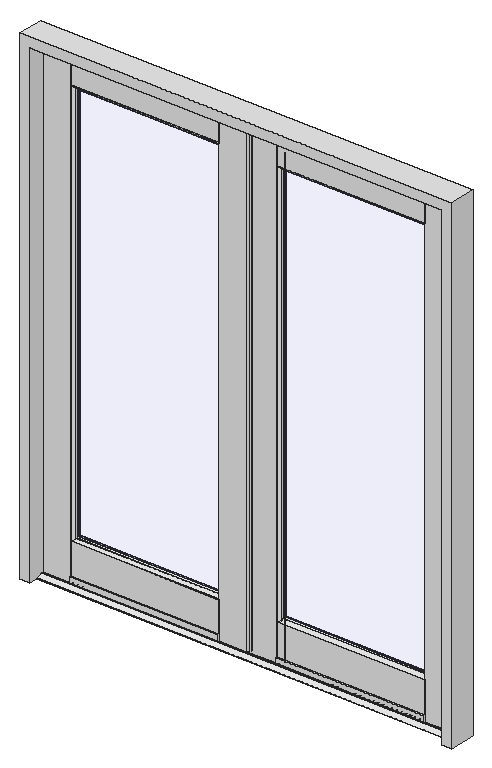
Revit family "kawneer-500_widestile-pr-frt-03_17322", category Doors, host Wall, Revit 2015
Parameters (values of type "(2)3' x 7' B.R. 6 1/2"")
  URL = "http://www.kawneer.com/kawneer/north_america/en/product.asp?cat_id=1339&prod_id=1816"
  Type Comments = "OFFSET PIVOT / BUTT HUNG"
  Thickness = 0' - 1 3/4"
  Stile Width = 0' - 5"
  Rough Width = Width + 0' 4"  # 3' - 4"
  Rough Height = Height + 0' 2"  # 7' - 2"
  Product data url = "https://bimobject.com/kawneerna/product/17196"
  Operation = " "
  Opening Width = Width * 2  # 6' - 0"
  Model = "Pair 350 Medium Stile Door Front Set B.R. 6 1/2\""
  Manufacturer = "Kawneer"
  Height = 7' - 0"
  Wall Closure = By host
  Width = 3' - 0"
  Function = Interior
  Door Panel = Kawneer - Fluropon_Bone White-391X035
  Door Glazing = Glass
  Door Frame = Kawneer - Fluropon_Bone White-391X035
  Description = "The \"350\" medium stile entrance door offers a rugged appearance, features dual-moment corner construction and is designed for schools, institutions, and other high traffic conditions."
  Bottom Rail Height = 0' - 6 1/2"
  Assembly Code = "B2030110"
Types (2): name | Operation | Model | Bottom Rail Height
  (2)3' x 7' B.R. 6 1/2" | " " | "Pair 350 Medium Stile Door Front Set B.R. 6 1/2\"" | 0' - 6 1/2"
  (2)3' x 7' B.R. 7 1/2" | "" | "Pair 350 Medium Stile Door Front Set B.R. 7 1/2\"" | 0' - 7 1/2"
Reference planes (in)
  plane 1: y = 0
  plane 2 "Center": x = 0
  plane 3 "Left": x = -36
  plane 4 "Right": x = 36
  plane 5 "Top": z = 84
  plane 6 "Glass center": y = 1.375
  plane 7: z = 7.1875
  plane 8: z = 0.6875
  plane 9: z = 84
Forms (in)
  Sweep 1, solid, material "Kawneer - Fluropon_Bone White-391X035" <- "Door Frame"
    path origin (-60, 3, 0) x (-1, 0, 0) y (0, 0, 1)
      loop
        line (-96, 0) -> (-96, 84) -> (-24, 84) -> (-24, 0)
    profile origin (0, 0, 42) x (1, 0, 0) y (0, 1, 0)
      loop
        line (38, 2.25) -> (36.25, 2.25) -> (36.25, -2.25) -> (38, -2.25) -> (38, 2.25)
  Extrusion 2, solid, material "Glass" <- "Door Glazing"
    sketch origin (0, 1.375, 0) x (1, 0, 0) y (0, 0, 1)
      loop
        line (31.15625, 7.375) -> (31.15625, 80.34375) -> (5.25678, 80.34375) -> (5.25678, 7.375) -> (31.15625, 7.375)
    from 0 to 0.25
  Extrusion 3, solid, material "Kawneer - Fluropon_Bone White-391X035" <- "Door Panel"
    sketch origin (0, -0.25, 0) x (1, 0, 0) y (0, 1, 0)
      loop
        line (36.15625, 2.375) -> (31.15625, 2.375) -> (31.15625, 2.31012) -> (30.62625, 1.8705) -> (30.62625, 1.77617) -> (30.49256, 1.625) -> (31.15625, 1.625) -> (31.15625, 1.375) -> (30.49369, 1.375) -> (30.62625, 1.22377) -> (30.62625, 1.1295) -> (31.15625, 0.75) -> (31.15625, 0.625) -> (35.87752, 0.625)
        arc (35.87752, 0.625) -> (36.01034, 0.68002) -> (36.06535, 0.81283) r 0.18783
        line (36.06535, 0.81283) -> (36.15625, 2.375)
    from 0.6875 to 84
  Extrusion 4, solid, material "Kawneer - Fluropon_Bone White-391X035" <- "Door Panel"
    sketch origin (0, -0.25, 0) x (-1, 0, 0) y (0, -1, 0)
      loop
        line (36.16231, -2.375) -> (36.16231, -2.32812) -> (36.06415, -0.80831)
        arc (36.06415, -0.80831) -> (36.00961, -0.67664) -> (35.87793, -0.6221) r 0.18622
        line (35.87793, -0.6221) -> (31.16231, -0.6221) -> (31.16231, -0.68988) -> (30.64361, -1.1295) -> (30.64361, -1.22377) -> (30.51105, -1.375) -> (30.98611, -1.375) -> (30.98611, -1.625) -> (30.50992, -1.625) -> (30.64361, -1.77617) -> (30.64361, -1.8705) -> (31.16231, -2.31012) -> (31.16231, -2.375) -> (36.16231, -2.375)
    from 0.6875 to 84
  Extrusion 5, solid, material "Kawneer - Fluropon_Bone White-391X035" <- "Door Panel"
    sketch origin (0, -0.375, 0.15278) x (0, 1, 0) y (0, 0, 1)
      loop
        line (2.5, 0.53472) -> (2.5, 7.03472) -> (2.43512, 7.03472) -> (2.0085, 7.56703) -> (1.94736, 7.56703)
        arc (1.94736, 7.56703) -> (1.82437, 7.6428) -> (1.75, 7.76663) r 0.30526
        line (1.75, 7.76663) -> (1.75, 7.22222) -> (1.5, 7.22222) -> (1.5, 7.76663)
        arc (1.5, 7.76663) -> (1.42562, 7.6428) -> (1.30264, 7.56703) r 0.30526
        line (1.30264, 7.56703) -> (1.2675, 7.56703) -> (0.82596, 7.03472) -> (0.75, 7.03472) -> (0.75, 1.5921) -> (0.51155, 1.52781) -> (0.51155, 0.64322) -> (0.59155, 0.64322) -> (0.71055, 0.41022)
        arc (0.71055, 0.41022) -> (0.74752, 0.3939) -> (0.76384, 0.43087) r 0.02858
        line (0.76384, 0.43087) -> (0.68155, 0.64322) -> (0.75, 0.64322) -> (0.75, 0.53472) -> (0.888, 0.53472) -> (0.888, 1.25347) -> (2.388, 1.25347) -> (2.388, 0.53472) -> (2.5, 0.53472)
      loop
        line (0.901, 1.37847) -> (2.375, 1.37847) -> (2.375, 6.53572)
        arc (2.375, 6.53572) -> (2.25594, 6.55359) -> (2.201, 6.66072) r 0.1319
        line (2.201, 6.66072) -> (2.201, 6.84722) -> (1.075, 6.84722) -> (1.075, 6.66072)
        arc (1.075, 6.66072) -> (1.02006, 6.55359) -> (0.901, 6.53572) r 0.1319
        line (0.901, 6.53572) -> (0.901, 1.37847)
    from 5.06928 to 31.15625
  Extrusion 6, solid, material "Kawneer - Fluropon_Bone White-391X035" <- "Door Frame", detail levels medium+fine
    sketch origin (0, -0.375, 0) x (0, 1, 0) y (0, 0, 1)
      loop
        line (2.40824, 0.342) -> (2.82032, 0.342) -> (3.31016, 0.1166)
        arc (3.31016, 0.1166) -> (3.33645, 0.09372) -> (3.34624, 0.06027) r 0.062
        line (3.34624, 0.06027) -> (3.34624, 0) -> (3.62824, 0) -> (3.62824, 0.10205)
        arc (3.62824, 0.10205) -> (3.62318, 0.11931) -> (3.60962, 0.13112) r 0.032
        line (3.60962, 0.13112) -> (2.80798, 0.5) -> (2.67111, 0.5)
        arc (2.67111, 0.5) -> (2.63911, 0.468) -> (2.60711, 0.5) r 0.032
        line (2.60711, 0.5) -> (2.45311, 0.5)
        arc (2.45311, 0.5) -> (2.42111, 0.468) -> (2.38911, 0.5) r 0.032
        line (2.38911, 0.5) -> (2.25324, 0.5) -> (2.25324, 0.45) -> (1.00324, 0.45) -> (1.00324, 0.5) -> (0.86737, 0.5)
        arc (0.86737, 0.5) -> (0.83537, 0.468) -> (0.80337, 0.5) r 0.032
        line (0.80337, 0.5) -> (0.64937, 0.5)
        arc (0.64937, 0.5) -> (0.61737, 0.468) -> (0.58537, 0.5) r 0.032
        line (0.58537, 0.5) -> (0.4485, 0.5) -> (-0.35314, 0.13112)
        arc (-0.35314, 0.13112) -> (-0.36671, 0.11931) -> (-0.37176, 0.10205) r 0.032
        line (-0.37176, 0.10205) -> (-0.37176, 0) -> (-0.08976, 0) -> (-0.08976, 0.06027)
        arc (-0.08976, 0.06027) -> (-0.07997, 0.09372) -> (-0.05368, 0.1166) r 0.062
        line (-0.05368, 0.1166) -> (0.43616, 0.342) -> (0.84724, 0.342) -> (0.84724, 0.28492) -> (2.40824, 0.28492) -> (2.40824, 0.342)
    from -38 to 36.25
  Extrusion 7, solid, material "Kawneer - Fluropon_Bone White-391X035" <- "Door Panel"
    sketch origin (0, 1.25, 0) x (1, 0, 0) y (0, 1, 0)
      loop
        arc (0.22766, 0.875) -> (0.12658, 0.56805) -> (0.06928, 0.25) r 2.3125
        line (0.06928, 0.25) -> (0.25578, 0.25)
        arc (0.25578, 0.25) -> (0.31928, 0.312) -> (0.38178, 0.249) r 0.063
        line (0.38178, 0.249) -> (0.38178, -0.249)
        arc (0.38178, -0.249) -> (0.31928, -0.312) -> (0.25578, -0.25) r 0.063
        line (0.25578, -0.25) -> (0.06928, -0.25)
        arc (0.06928, -0.25) -> (0.12658, -0.56805) -> (0.22765, -0.875) r 2.3125
        line (0.22765, -0.875) -> (5.06928, -0.875) -> (5.06928, -0.81012) -> (5.59928, -0.3705) -> (5.59928, -0.30936)
        arc (5.59928, -0.30936) -> (5.66239, -0.19967) -> (5.76456, -0.125) r 0.30526
        line (5.76456, -0.125) -> (5.25678, -0.125) -> (5.25678, 0.125) -> (5.76456, 0.125)
        arc (5.76456, 0.125) -> (5.66239, 0.19967) -> (5.59928, 0.30936) r 0.30526
        line (5.59928, 0.30936) -> (5.59928, 0.3705) -> (5.06928, 0.81012) -> (5.06928, 0.875) -> (0.22766, 0.875)
    from 0.6875 to 84
  Extrusion 8, solid, material "Glass" <- "Door Glazing"
    sketch origin (0, 1.375, 0) x (-1, 0, 0) y (0, 0, -1)
      loop
        line (30.98611, -7.375) -> (5.25678, -7.375) -> (5.25678, -80.34375) -> (30.98611, -80.34375) -> (30.98611, -7.375)
    from 0 to 0.25
  Extrusion 9, solid, material "Kawneer - Fluropon_Bone White-391X035" <- "Door Panel"
    sketch origin (0, -0.375, 0.15278) x (0, 1, 0) y (0, 0, -1)
      loop
        line (2.5, -0.53472) -> (2.388, -0.53472) -> (2.388, -1.25347) -> (0.888, -1.25347) -> (0.888, -0.53472) -> (0.75, -0.53472) -> (0.75, -0.64322) -> (0.68155, -0.64322) -> (0.76384, -0.43087)
        arc (0.76384, -0.43087) -> (0.74752, -0.3939) -> (0.71055, -0.41022) r 0.02858
        line (0.71055, -0.41022) -> (0.59155, -0.64322) -> (0.51155, -0.64322) -> (0.51155, -1.52781) -> (0.75, -1.5921) -> (0.75, -7.03472) -> (0.82596, -7.03472) -> (1.2675, -7.56703) -> (1.30264, -7.56703)
        arc (1.30264, -7.56703) -> (1.42562, -7.6428) -> (1.5, -7.76663) r 0.30526
        line (1.5, -7.76663) -> (1.5, -7.22222) -> (1.75, -7.22222) -> (1.75, -7.76663)
        arc (1.75, -7.76663) -> (1.82437, -7.6428) -> (1.94736, -7.56703) r 0.30526
        line (1.94736, -7.56703) -> (2.0085, -7.56703) -> (2.43512, -7.03472) -> (2.5, -7.03472) -> (2.5, -0.53472)
      loop
        line (0.901, -1.37847) -> (0.901, -6.53572)
        arc (0.901, -6.53572) -> (1.02006, -6.55359) -> (1.075, -6.66072) r 0.1319
        line (1.075, -6.66072) -> (1.075, -6.84722) -> (2.201, -6.84722) -> (2.201, -6.66072)
        arc (2.201, -6.66072) -> (2.25594, -6.55359) -> (2.375, -6.53572) r 0.1319
        line (2.375, -6.53572) -> (2.375, -1.37847) -> (0.901, -1.37847)
    from 5.06928 to 31.16231
  Extrusion 10, solid, material "Kawneer - Fluropon_Bone White-391X035" <- "Door Panel"
    sketch origin (0, -0.125, 23.875) x (0, 1, 0) y (0, 0, 1)
      loop
        line (0.5, 60.125) -> (0.5, 55.125) -> (0.56516, 55.125) -> (1.00479, 54.595) -> (1.09862, 54.595) -> (1.25, 54.46231) -> (1.25, 54.9375) -> (1.49999, 54.9375) -> (1.49999, 54.44982) -> (1.65117, 54.595) -> (1.74715, 54.595) -> (2.18677, 55.125) -> (2.25, 55.125) -> (2.25, 60.125) -> (2.18512, 60.125) -> (2.18512, 59.25) -> (0.56488, 59.25) -> (0.56488, 60.125) -> (0.5, 60.125)
    from 5.06928 to 31.15625
  Extrusion 11, solid, material "Kawneer - Fluropon_Bone White-391X035" <- "Door Panel"
    sketch origin (0, -0.125, 23.875) x (0, 1, 0) y (0, 0, -1)
      loop
        line (0.5, -60.125) -> (0.56488, -60.125) -> (0.56488, -59.25) -> (2.18512, -59.25) -> (2.18512, -60.125) -> (2.25, -60.125) -> (2.25, -55.125) -> (2.18677, -55.125) -> (1.74715, -54.595) -> (1.65117, -54.595) -> (1.49999, -54.44982) -> (1.49999, -54.9375) -> (1.25, -54.9375) -> (1.25, -54.46231) -> (1.09862, -54.595) -> (1.00479, -54.595) -> (0.56516, -55.125) -> (0.5, -55.125) -> (0.5, -60.125)
    from 5.06928 to 31.16231
  Extrusion 12, solid, material "Kawneer - Fluropon_Bone White-391X035" <- "Door Panel"
    sketch origin (0, 1.25, 0) x (-1, 0, 0) y (0, -1, 0)
      loop
        line (0.22766, -0.875) -> (5.06928, -0.875) -> (5.06928, -0.81012) -> (5.59928, -0.3705) -> (5.59928, -0.30936)
        arc (5.59928, -0.30936) -> (5.66239, -0.19967) -> (5.76456, -0.125) r 0.30526
        line (5.76456, -0.125) -> (5.25678, -0.125) -> (5.25678, 0.125) -> (5.76456, 0.125)
        arc (5.76456, 0.125) -> (5.66239, 0.19967) -> (5.59928, 0.30936) r 0.30526
        line (5.59928, 0.30936) -> (5.59928, 0.3705) -> (5.06928, 0.81012) -> (5.06928, 0.875) -> (0.22765, 0.875)
        arc (0.22765, 0.875) -> (0.12658, 0.56805) -> (0.06928, 0.25) r 2.3125
        line (0.06928, 0.25) -> (0.25578, 0.25)
        arc (0.25578, 0.25) -> (0.31928, 0.312) -> (0.38178, 0.249) r 0.063
        line (0.38178, 0.249) -> (0.38178, -0.249)
        arc (0.38178, -0.249) -> (0.31928, -0.312) -> (0.25578, -0.25) r 0.063
        line (0.25578, -0.25) -> (0.06928, -0.25)
        arc (0.06928, -0.25) -> (0.12658, -0.56805) -> (0.22766, -0.875) r 2.3125
    from 0.6875 to 84
Lines and regions (in)
  Opening 1
    outline origin (-90, -3, 0) x (1, 0, 0) y (0, 0, 1)
      loop
        line (52, 0) -> (128, 0) -> (128, 86) -> (52, 86) -> (52, 0)
  symbolic lines, style "Elevation Swing"
    curve 1: line (-0.38178, 3, 0.6875) -> (-36, 3, 42)
    curve 2: line (-36, 3, 42) -> (-0.22766, 3, 84.125)
    curve 10: line (0.38178, 3, 0.6875) -> (36, 3, 44.625)
    curve 11: line (36, 3, 44.625) -> (0.22766, 3, 84.125)
  symbolic lines
    curve 3: line (-36, 2.25, 0) -> (-34.25, 2.25, 0)
    curve 4: line (-36, 38.25, 0) -> (-36, 2.25, 0)
    curve 5: line (-34.25, 38.25, 0) -> (-36, 38.25, 0)
    curve 6: line (-34.25, 2.25, 0) -> (-34.25, 38.25, 0)
    curve 7: arc (-36, 38.25, 0) -> (-10.54416, 27.70584, 0) -> (0, 2.25, 0) r 36
    curve 12: line (36, 2.25, 0) -> (34.25, 2.25, 0)
    curve 13: line (36, 39.5, 0) -> (36, 2.25, 0)
    curve 14: line (34.25, 39.5, 0) -> (36, 39.5, 0)
    curve 15: line (34.25, 2.25, 0) -> (34.25, 39.5, 0)
    curve 16: arc (36, 39.5, 0) -> (10.54416, 28.95584, 0) -> (0, 3.5, 0) r 36
  model lines
    curve 8: line (0.06928, 0.05443, 0) -> (-0.06928, 0.05443, 0)
    curve 9: line (-0.06928, 0.05443, 0) -> (0.06928, 0.05443, 0)
Text (in)
  text "Exterior" at (-58.67754, 27.31104, 0), in view "Floor Line"
  text "Interior" at (-58.34764, -25.14366, 0), in view "Floor Line"
  text "Exterior" at (0, 40.15149, 123.01588), in view "Right"
  text "Interior" at (0, -64.39139, 123.01588), in view "Right"
  text "Interior" at (0, -31.01599, 123.00693), in view "Left"
  text "Exterior" at (0, 54.57065, 123.00693), in view "Left"
Dimensions and locks (in)
  equal spacing: plane 3 "Left", plane 2 "Center", plane 4 "Right"
  "Height": level to plane 5 "Top"
  "Opening Width": plane 3 "Left" to plane 4 "Right"
  equal spacing: host wall, curve 2, plane 5 "Top"
  locked: plane 4 "Right" to Opening 1 sketch curve at 2
  locked: Opening 1 sketch curve to plane 3 "Left" at 2
  locked: plane 5 "Top" to Opening 1 sketch curve at 2
  locked: Sweep 1 sketch curve to Sweep 1 sketch curve at 4.5
  locked: profile plane to Sweep 1 sketch curve at 2
  "Width": curve 5 to Sweep 1
  "Thickness": plane 3 "Left" to curve 6
  locked: Sweep 1 to Sweep 1 at 1.75  (x2)
  locked: plane 8 to level at 0.6875
  "Bottom Rail Height": plane 7 to plane 8
  equal spacing: Sweep 1 sketch curve, host wall, Sweep 1 sketch curve
  plane 9 to Sweep 1 = 0' - 0 1/4"
  locked: Extrusion 10 sketch curve to Extrusion 10 sketch curve at 1.75
  locked: Extrusion 11 sketch curve to Extrusion 11 sketch curve at 1.75
  "Stile Width": Extrusion 4 sketch curve to Extrusion 4 sketch curve
  locked: Extrusion 4 sketch curve to Extrusion 4 sketch curve at 0.6524
  "Stile Width": Extrusion 3 sketch curve to Extrusion 3 sketch curve
  locked: plane 4 "Right" to Extrusion 3 sketch curve at 0.15625
  "Stile Width": Extrusion 10 sketch curve to plane 9
  locked: Extrusion 10 sketch curve to Extrusion 10 sketch curve at 0.66269
  Sweep 1 to Extrusion 4 sketch curve to Extrusion 4 sketch curve = 0' - 0.08769" locked, 0' - 0.28438" locked
  Extrusion 7 sketch curve to Extrusion 7 sketch curve = 0' - 5"
  Extrusion 12 sketch curve to Extrusion 12 sketch curve = 0' - 5"
  "Stile Width": Extrusion 11 sketch curve to plane 9
  locked: Extrusion 11 sketch curve to Extrusion 11 sketch curve at 0.66269
  aligned and locked: Opening 1 sketch curve to level
  aligned and locked: plane 3 "Left" to curve 1
  aligned and locked: Extrusion 4 to Extrusion 2
  aligned and locked: Extrusion 2 to Extrusion 4
  aligned and locked: Extrusion 4 to Extrusion 3
  aligned and locked: plane 4 "Right" to Sweep 1 sketch curve
  aligned and locked: Sweep 1 sketch curve to plane 3 "Left"
  aligned and locked: plane 5 "Top" to Sweep 1 sketch curve
  aligned and locked: plane 7 to Extrusion 5 sketch curve  (x2)
  aligned and locked: Extrusion 2 to Extrusion 5
  aligned and locked: plane 8 to Extrusion 5
  aligned and locked: Extrusion 6 to Sweep 1  (x2)
  aligned and locked: Extrusion 7 to plane 8
  aligned and locked: Extrusion 9 to Extrusion 8
  aligned and locked: Extrusion 3 to plane 8
  aligned and locked: Extrusion 3 to Extrusion 3
  aligned and locked: Extrusion 3 to plane 9
  aligned and locked: Extrusion 7 to plane 9
  aligned and locked: plane 9 to plane 5 "Top"
  aligned and locked: Extrusion 10 sketch curve to Extrusion 10 sketch curve  (x2)
  aligned and locked: Extrusion 11 sketch curve to Extrusion 11 sketch curve  (x2)
  aligned and locked: Extrusion 8 to Extrusion 2
  aligned and locked: Extrusion 4 sketch curve to Extrusion 4 sketch curve
  aligned and locked: Extrusion 11 to Extrusion 4
  aligned and locked: Extrusion 8 to Extrusion 4
  aligned and locked: Extrusion 9 to Extrusion 4
  aligned and locked: Extrusion 2 to Extrusion 3
  aligned and locked: Extrusion 7 sketch curve to Extrusion 7 sketch curve
  aligned and locked: Extrusion 12 sketch curve to Extrusion 12 sketch curve
  aligned and locked: Extrusion 2 to Extrusion 7
  aligned and locked: Extrusion 5 to Extrusion 7
  aligned and locked: Extrusion 8 to Extrusion 12
  aligned and locked: Extrusion 9 to Extrusion 12
  aligned and locked: Extrusion 10 to Extrusion 7
  aligned and locked: Extrusion 11 to Extrusion 12
  aligned and locked: Extrusion 10 to Extrusion 3
  aligned and locked: Extrusion 12 to plane 9
Automatic sketch dimensions
  curve 3 to plane 3 "Left" = 0' - 0"
  curve 7 to plane 2 "Center" = 0' - 0"
  curve 3 to curve 7 = 0' - 0"
  curve 1 to plane 8 = 0' - 0"
  curve 2 to plane 5 "Top" = 0' - 0 1/8"
  curve 1 to plane 2 "Center" = 0' - 0.38178"
  curve 2 to plane 2 "Center" = 0' - 0.22766"
  Sweep 1 sketch curve to level = 0' - 0"  (x2)
  Sweep 1 sketch curve to profile plane = 0' - 0 1/4"
  plane 7 to Extrusion 2 sketch curve = 0' - 0 3/16"
  plane 2 "Center" to Extrusion 2 sketch curve = 0' - 5.25678"
  plane 4 "Right" to Extrusion 2 sketch curve = 0' - 4 27/32"
  plane 5 "Top" to Extrusion 2 sketch curve = 0' - 3 21/32"
  Extrusion 3 sketch curve to plane 6 "Glass center" = 0' - 0"
  Extrusion 3 sketch curve to Extrusion 3 sketch curve = 0' - 0"  (x2)
  Extrusion 3 sketch curve to host wall = 0' - 0 1/2"
  Extrusion 3 sketch curve to plane 6 "Glass center" = 0' - 0.2455"
  Extrusion 3 sketch curve to Extrusion 3 sketch curve = 0' - 0.53"  (x2)
  Extrusion 3 sketch curve to Extrusion 3 sketch curve = 0' - 0.13256"
  Extrusion 3 sketch curve to Extrusion 3 sketch curve = 0' - 0.13369"
  plane 4 "Right" to Extrusion 3 sketch curve = 0' - 0.12248"
  Extrusion 3 sketch curve to plane 4 "Right" = 0' - 0.06535"
  Extrusion 3 sketch curve to host wall = 0' - 0 3/8"
  plane 6 "Glass center" to Extrusion 3 sketch curve = 0' - 0.4955"
  Extrusion 3 sketch curve to Extrusion 3 sketch curve = 0' - 0.09427"
  Extrusion 3 sketch curve to Extrusion 3 sketch curve = 0' - 0.15123"
  Extrusion 3 sketch curve to Extrusion 3 sketch curve = 0' - 0.09433"
  Extrusion 3 sketch curve to Extrusion 3 sketch curve = 0' - 0.68512"
  Extrusion 3 sketch curve to Extrusion 3 sketch curve = 0' - 0.06488"
  Extrusion 4 sketch curve to plane 6 "Glass center" = 0' - 0"
  Extrusion 4 sketch curve to plane 6 "Glass center" = 0' - 0 1/4"
  Extrusion 4 sketch curve to Extrusion 4 sketch curve = 0' - 0.00113"
  Extrusion 4 sketch curve to Extrusion 4 sketch curve = 0' - 0.13369"
  Extrusion 4 sketch curve to plane 6 "Glass center" = 0' - 0.4955"
  Extrusion 4 sketch curve to Extrusion 4 sketch curve = 0' - 0.13256"
  Extrusion 4 sketch curve to Extrusion 4 sketch curve = 0' - 0.3425"
  Extrusion 4 sketch curve to plane 3 "Left" = 0' - 0.06415"
  host wall to Extrusion 4 sketch curve = 0' - 0.55831"
  Extrusion 4 sketch curve to Extrusion 4 sketch curve = 0' - 0.06779"
  Extrusion 4 sketch curve to Extrusion 4 sketch curve = 0' - 0.09427"
  plane 6 "Glass center" to Extrusion 4 sketch curve = 0' - 0.15117"
  Extrusion 4 sketch curve to Extrusion 4 sketch curve = 0' - 0.09433"
  Extrusion 4 sketch curve to Extrusion 4 sketch curve = 0' - 0.43962"
  plane 6 "Glass center" to Extrusion 4 sketch curve = 0' - 0 45/64"
  Extrusion 4 sketch curve to Extrusion 4 sketch curve = 0' - 0 3/64"
  Extrusion 5 sketch curve to plane 8 = 0' - 0"  (x2)
  Extrusion 5 sketch curve to plane 6 "Glass center" = 0' - 0"
  plane 6 "Glass center" to Extrusion 5 sketch curve = 0' - 0 1/4"
  Extrusion 5 sketch curve to Extrusion 5 sketch curve = 0' - 0.19736"
  Extrusion 5 sketch curve to Extrusion 5 sketch curve = 0' - 0 9/256"
  Extrusion 5 sketch curve to Extrusion 5 sketch curve = 0' - 0.05894"
  Extrusion 5 sketch curve to plane 7 = 0' - 0 3/16"
  Extrusion 5 sketch curve to Extrusion 5 sketch curve = 0' - 0.425"
  Extrusion 5 sketch curve to Extrusion 5 sketch curve = 0' - 0.1319"  (x2)
  Extrusion 5 sketch curve to Extrusion 5 sketch curve = 0' - 0.0421"  (x2)
  Extrusion 5 sketch curve to Extrusion 5 sketch curve = 0' - 0.013"
  Extrusion 5 sketch curve to Extrusion 5 sketch curve = 0' - 0.24904"
  Extrusion 5 sketch curve to plane 8 = 0' - 0.10384"
  Extrusion 5 sketch curve to Extrusion 5 sketch curve = 0' - 0.12416"
  Extrusion 5 sketch curve to Extrusion 5 sketch curve = 0' - 0.01384"
  Extrusion 5 sketch curve to Extrusion 5 sketch curve = 0' - 0.07596"
  Extrusion 5 sketch curve to Extrusion 5 sketch curve = 0' - 0.02665"  (x2)
  Extrusion 5 sketch curve to plane 8 = 0' - 0.1245"
  Extrusion 5 sketch curve to Extrusion 5 sketch curve = 0' - 0.06845"
  Extrusion 5 sketch curve to Extrusion 5 sketch curve = 0' - 0.09"
  Extrusion 5 sketch curve to host wall = 0' - 0.13655"
  Extrusion 5 sketch curve to plane 6 "Glass center" = 0' - 0.19736"
  Extrusion 5 sketch curve to Extrusion 5 sketch curve = 0' - 0.06114"
  Extrusion 5 sketch curve to plane 6 "Glass center" = 0' - 0.29144"
  Extrusion 5 sketch curve to plane 6 "Glass center" = 0' - 0.451"
  Extrusion 5 sketch curve to plane 6 "Glass center" = 0' - 0.638"
  Extrusion 5 sketch curve to Extrusion 5 sketch curve = 0' - 0.23412"
  Extrusion 5 sketch curve to Extrusion 5 sketch curve = 0' - 0.06488"
  plane 8 to Extrusion 5 sketch curve = 0' - 0.1085"
  Extrusion 5 sketch curve to Extrusion 5 sketch curve = 0' - 0"  (x2)
  plane 8 to Extrusion 5 sketch curve = 0' - 0 23/32"
  Extrusion 5 sketch curve to Extrusion 5 sketch curve = 0' - 0 1/8"
  Extrusion 5 sketch curve to Extrusion 5 sketch curve = 0' - 0.14935"
  Extrusion 5 sketch curve to Extrusion 5 sketch curve = 0' - 0.06429"
  Extrusion 5 sketch curve to Extrusion 5 sketch curve = 0' - 0.3115"  (x2)
  plane 7 to Extrusion 5 sketch curve = 0' - 0 3/16"
  Extrusion 5 sketch curve to Extrusion 5 sketch curve = 0' - 0.34482"  (x2)
  Extrusion 5 sketch curve to Extrusion 5 sketch curve = 0' - 0.1996"
  Extrusion 6 sketch curve to level = 0' - 0"  (x2)
  level to Extrusion 6 sketch curve = 0' - 0.10205"  (x2)
  host wall to Extrusion 6 sketch curve = 0' - 0.74676"
  level to Extrusion 6 sketch curve = 0' - 0.13112"
  Extrusion 6 sketch curve to Extrusion 6 sketch curve = 0' - 0.01862"
  level to Extrusion 6 sketch curve = 0' - 0.06027"
  Extrusion 6 sketch curve to Extrusion 6 sketch curve = 0' - 0 1/4"
  level to Extrusion 6 sketch curve = 0' - 0.1166"
  Extrusion 6 sketch curve to Extrusion 6 sketch curve = 0' - 0.03608"
  Extrusion 6 sketch curve to host wall = 0' - 0.06117"
  Extrusion 6 sketch curve to host wall = 0' - 0.0735"
  Extrusion 6 sketch curve to Extrusion 6 sketch curve = 0' - 0.13687"  (x2)
  Extrusion 6 sketch curve to Extrusion 6 sketch curve = 0' - 0.032"  (x5)
  Extrusion 6 sketch curve to Extrusion 6 sketch curve = 0' - 0.154"  (x2)
  Extrusion 6 sketch curve to Extrusion 6 sketch curve = 0' - 0.01187"
  Extrusion 6 sketch curve to Extrusion 6 sketch curve = 0' - 0.13587"  (x2)
  Extrusion 6 sketch curve to plane 8 = 0' - 0.2375"
  Extrusion 6 sketch curve to plane 6 "Glass center" = 0' - 0.50324"
  Extrusion 6 sketch curve to Extrusion 6 sketch curve = 0' - 0.01913"
  Extrusion 6 sketch curve to Extrusion 6 sketch curve = 0' - 0.01233"
  Extrusion 6 sketch curve to host wall = 0' - 0.09076"
  Extrusion 6 sketch curve to Extrusion 6 sketch curve = 0' - 0.02592"
  Extrusion 6 sketch curve to host wall = 0' - 0.02876"
  host wall to Extrusion 6 sketch curve = 0' - 0.22124"
  Extrusion 6 sketch curve to Extrusion 6 sketch curve = 0' - 0.01338"
  Extrusion 6 sketch curve to Extrusion 6 sketch curve = 0' - 0.06027"
  Extrusion 6 sketch curve to Extrusion 6 sketch curve = 0' - 0.16508"
  level to Extrusion 6 sketch curve = 0' - 0.342"
  Extrusion 6 sketch curve to Extrusion 6 sketch curve = 0' - 0.05708"
  Extrusion 6 sketch curve to plane 8 = 0' - 0 3/16"
  Extrusion 6 sketch curve to Extrusion 6 sketch curve = 0' - 0.05"
  curve 16 to plane 2 "Center" = 0' - 0"
  curve 12 to plane 4 "Right" = 0' - 0"
  curve 9 to plane 2 "Center" = 0' - 0.06928"
  curve 8 to curve 9 = 0' - 0"  (x2)
  plane 2 "Center" to curve 9 = 0' - 0.06928"
  curve 12 to host wall = 0' - 0 3/4"
  curve 12 to curve 12 = 0' - 1 3/4"
  curve 8 to host wall = 0' - 0.05443"
  curve 9 to curve 8 = 0' - 0"
  host wall to curve 16 = 0' - 0 1/2"
  Extrusion 7 sketch curve to Extrusion 7 sketch curve = 0' - 0"  (x2)
  Extrusion 7 sketch curve to plane 6 "Glass center" = 0' - 0"
  plane 2 "Center" to Extrusion 7 sketch curve = 0' - 0.06928"  (x2)
  plane 2 "Center" to Extrusion 7 sketch curve = 0' - 0.22765"
  plane 2 "Center" to Extrusion 7 sketch curve = 0' - 0.22766"
  Extrusion 7 sketch curve to Extrusion 7 sketch curve = 0' - 0.18651"  (x2)
  Extrusion 7 sketch curve to Extrusion 7 sketch curve = 0' - 0.06299"  (x2)
  Extrusion 7 sketch curve to Extrusion 7 sketch curve = 0' - 0.063"
  plane 6 "Glass center" to Extrusion 7 sketch curve = 0' - 0 1/8"
  Extrusion 7 sketch curve to Extrusion 7 sketch curve = 0' - 1.98645"
  plane 6 "Glass center" to Extrusion 7 sketch curve = 0' - 0 1/4"
  Extrusion 7 sketch curve to Extrusion 7 sketch curve = 0' - 0 3/16"
  Extrusion 7 sketch curve to Extrusion 7 sketch curve = 0' - 0.3425"  (x2)
  Extrusion 7 sketch curve to plane 6 "Glass center" = 0' - 0.18436"
  Extrusion 7 sketch curve to Extrusion 7 sketch curve = 0' - 0.16528"  (x2)
  Extrusion 7 sketch curve to Extrusion 7 sketch curve = 0' - 0.2904"
  Extrusion 7 sketch curve to plane 6 "Glass center" = 0' - 0.27844"
  plane 6 "Glass center" to Extrusion 7 sketch curve = 0' - 0.374"
  Extrusion 7 sketch curve to Extrusion 7 sketch curve = 0' - 0.18436"
  Extrusion 7 sketch curve to Extrusion 7 sketch curve = 0' - 0.06114"  (x2)
  Extrusion 7 sketch curve to Extrusion 7 sketch curve = 0' - 0.06488"  (x2)
  Extrusion 7 sketch curve to plane 6 "Glass center" = 0' - 0.124"
  Extrusion 8 sketch curve to plane 7 = 0' - 0 3/16"
  plane 2 "Center" to Extrusion 8 sketch curve = 0' - 5.25678"
  plane 3 "Left" to Extrusion 8 sketch curve = 0' - 5.01389"
  Extrusion 8 sketch curve to plane 5 "Top" = 0' - 3 21/32"
  Extrusion 9 sketch curve to plane 7 = 0' - 0"  (x2)
  Extrusion 9 sketch curve to plane 8 = 0' - 0"  (x2)
  Extrusion 9 sketch curve to plane 6 "Glass center" = 0' - 0"
  plane 6 "Glass center" to Extrusion 9 sketch curve = 0' - 0 1/4"
  Extrusion 9 sketch curve to Extrusion 9 sketch curve = 0' - 0.19736"
  Extrusion 9 sketch curve to Extrusion 9 sketch curve = 0' - 0 9/256"
  Extrusion 9 sketch curve to Extrusion 9 sketch curve = 0' - 0.05894"
  Extrusion 9 sketch curve to plane 7 = 0' - 0 3/16"
  Extrusion 9 sketch curve to Extrusion 9 sketch curve = 0' - 0.425"
  Extrusion 9 sketch curve to Extrusion 9 sketch curve = 0' - 0.1319"  (x2)
  Extrusion 9 sketch curve to Extrusion 9 sketch curve = 0' - 0.0421"  (x2)
  Extrusion 9 sketch curve to Extrusion 9 sketch curve = 0' - 0.013"
  Extrusion 9 sketch curve to Extrusion 9 sketch curve = 0' - 0.24904"
  Extrusion 9 sketch curve to plane 8 = 0' - 0.10384"
  Extrusion 9 sketch curve to Extrusion 9 sketch curve = 0' - 0.12416"
  Extrusion 9 sketch curve to Extrusion 9 sketch curve = 0' - 0.01384"
  Extrusion 9 sketch curve to Extrusion 9 sketch curve = 0' - 0.07596"
  Extrusion 9 sketch curve to Extrusion 9 sketch curve = 0' - 0.02665"  (x2)
  Extrusion 9 sketch curve to plane 8 = 0' - 0.1245"
  Extrusion 9 sketch curve to Extrusion 9 sketch curve = 0' - 0.06845"
  Extrusion 9 sketch curve to Extrusion 9 sketch curve = 0' - 0.09"
  Extrusion 9 sketch curve to host wall = 0' - 0.13655"
  Extrusion 9 sketch curve to plane 6 "Glass center" = 0' - 0.19736"
  Extrusion 9 sketch curve to Extrusion 9 sketch curve = 0' - 0.06114"
  Extrusion 9 sketch curve to plane 6 "Glass center" = 0' - 0.29144"
  Extrusion 9 sketch curve to plane 6 "Glass center" = 0' - 0.451"
  Extrusion 9 sketch curve to plane 6 "Glass center" = 0' - 0.638"
  Extrusion 9 sketch curve to Extrusion 9 sketch curve = 0' - 0.23412"
  Extrusion 9 sketch curve to Extrusion 9 sketch curve = 0' - 0.06488"
  plane 7 to Extrusion 9 sketch curve = 0' - 0 3/16"
  Extrusion 9 sketch curve to Extrusion 9 sketch curve = 0' - 0.34482"  (x2)
  Extrusion 9 sketch curve to Extrusion 9 sketch curve = 0' - 0.1996"
  Extrusion 9 sketch curve to Extrusion 9 sketch curve = 0' - 0"  (x2)
  Extrusion 9 sketch curve to Extrusion 9 sketch curve = 0' - 0.1865"  (x2)
  plane 8 to Extrusion 9 sketch curve = 0' - 1.05739"
  Extrusion 9 sketch curve to Extrusion 9 sketch curve = 0' - 0.06429"
  plane 8 to Extrusion 9 sketch curve = 0' - 0 27/32"
  Extrusion 9 sketch curve to Extrusion 9 sketch curve = 0' - 0 1/8"
  plane 8 to Extrusion 9 sketch curve = 0' - 0.1085"
  curve 10 to plane 4 "Right" = 0' - 0"
  curve 10 to plane 8 = 0' - 0"
  plane 2 "Center" to curve 10 = 0' - 0.38178"
  plane 2 "Center" to curve 11 = 0' - 0.22766"
  plane 7 to curve 11 = 3' - 1 7/16"
  curve 11 to plane 5 "Top" = 0' - 0 1/8"
  Extrusion 10 sketch curve to plane 5 "Top" = 0' - 0"
  Extrusion 10 sketch curve to plane 6 "Glass center" = 0' - 0"
  Extrusion 10 sketch curve to Extrusion 10 sketch curve = 0' - 0 1/4"
  Extrusion 10 sketch curve to Extrusion 10 sketch curve = 0' - 0.15138"
  Extrusion 10 sketch curve to Extrusion 10 sketch curve = 0' - 0.09383"
  Extrusion 10 sketch curve to host wall = 0' - 0.44017"
  Extrusion 10 sketch curve to host wall = 0' - 0.43988"
  Extrusion 10 sketch curve to Extrusion 10 sketch curve = 0' - 0.06488"  (x2)
  Extrusion 10 sketch curve to plane 6 "Glass center" = 0' - 0.15117"
  Extrusion 10 sketch curve to Extrusion 10 sketch curve = 0' - 0.09598"
  Extrusion 10 sketch curve to Extrusion 10 sketch curve = 0' - 0.06323"
  Extrusion 10 sketch curve to Extrusion 10 sketch curve = 0' - 0.0125"
  Extrusion 10 sketch curve to Extrusion 10 sketch curve = 0' - 0.13269"
  Extrusion 10 sketch curve to Extrusion 10 sketch curve = 0' - 0.14518"
  Extrusion 10 sketch curve to Extrusion 10 sketch curve = 0' - 0.3425"
  plane 5 "Top" to Extrusion 10 sketch curve = 0' - 0 7/8"
  Extrusion 11 sketch curve to plane 5 "Top" = 0' - 0"
  Extrusion 11 sketch curve to plane 6 "Glass center" = 0' - 0"
  Extrusion 11 sketch curve to Extrusion 11 sketch curve = 0' - 0 1/4"
  Extrusion 11 sketch curve to Extrusion 11 sketch curve = 0' - 0.15138"
  Extrusion 11 sketch curve to Extrusion 11 sketch curve = 0' - 0.09383"
  Extrusion 11 sketch curve to host wall = 0' - 0.44017"
  Extrusion 11 sketch curve to host wall = 0' - 0.43988"
  Extrusion 11 sketch curve to Extrusion 11 sketch curve = 0' - 0.06488"  (x2)
  Extrusion 11 sketch curve to plane 6 "Glass center" = 0' - 0.15117"
  Extrusion 11 sketch curve to Extrusion 11 sketch curve = 0' - 0.09598"
  Extrusion 11 sketch curve to Extrusion 11 sketch curve = 0' - 0.06323"
  plane 5 "Top" to Extrusion 11 sketch curve = 0' - 0 7/8"
  Extrusion 11 sketch curve to Extrusion 11 sketch curve = 0' - 0.13269"
  Extrusion 11 sketch curve to Extrusion 11 sketch curve = 0' - 0.3425"
  Extrusion 11 sketch curve to Extrusion 11 sketch curve = 0' - 0.14518"
  Extrusion 12 sketch curve to Extrusion 12 sketch curve = 0' - 0"  (x2)
  Extrusion 12 sketch curve to plane 6 "Glass center" = 0' - 0"
  plane 2 "Center" to Extrusion 12 sketch curve = 0' - 0.06928"  (x2)
  plane 2 "Center" to Extrusion 12 sketch curve = 0' - 0.22765"
  plane 2 "Center" to Extrusion 12 sketch curve = 0' - 0.22766"
  Extrusion 12 sketch curve to Extrusion 12 sketch curve = 0' - 0.18651"  (x2)
  Extrusion 12 sketch curve to Extrusion 12 sketch curve = 0' - 0.06299"  (x2)
  Extrusion 12 sketch curve to Extrusion 12 sketch curve = 0' - 0.063"
  Extrusion 12 sketch curve to plane 6 "Glass center" = 0' - 0 1/8"
  Extrusion 12 sketch curve to Extrusion 12 sketch curve = 0' - 1.98645"
  Extrusion 12 sketch curve to plane 6 "Glass center" = 0' - 0 1/4"
  Extrusion 12 sketch curve to Extrusion 12 sketch curve = 0' - 0 3/16"
  Extrusion 12 sketch curve to Extrusion 12 sketch curve = 0' - 0.3425"  (x2)
  plane 6 "Glass center" to Extrusion 12 sketch curve = 0' - 0.18436"
  Extrusion 12 sketch curve to Extrusion 12 sketch curve = 0' - 0.16528"  (x2)
  Extrusion 12 sketch curve to Extrusion 12 sketch curve = 0' - 0.2904"
  plane 6 "Glass center" to Extrusion 12 sketch curve = 0' - 0.27844"
  Extrusion 12 sketch curve to plane 6 "Glass center" = 0' - 0.374"
  Extrusion 12 sketch curve to Extrusion 12 sketch curve = 0' - 0.18436"
  Extrusion 12 sketch curve to Extrusion 12 sketch curve = 0' - 0.06114"  (x2)
  Extrusion 12 sketch curve to Extrusion 12 sketch curve = 0' - 0.06488"  (x2)
  plane 6 "Glass center" to Extrusion 12 sketch curve = 0' - 0.124"
  Extrusion 11 sketch curve to Extrusion 11 sketch curve = 0' - 0 3/16"
